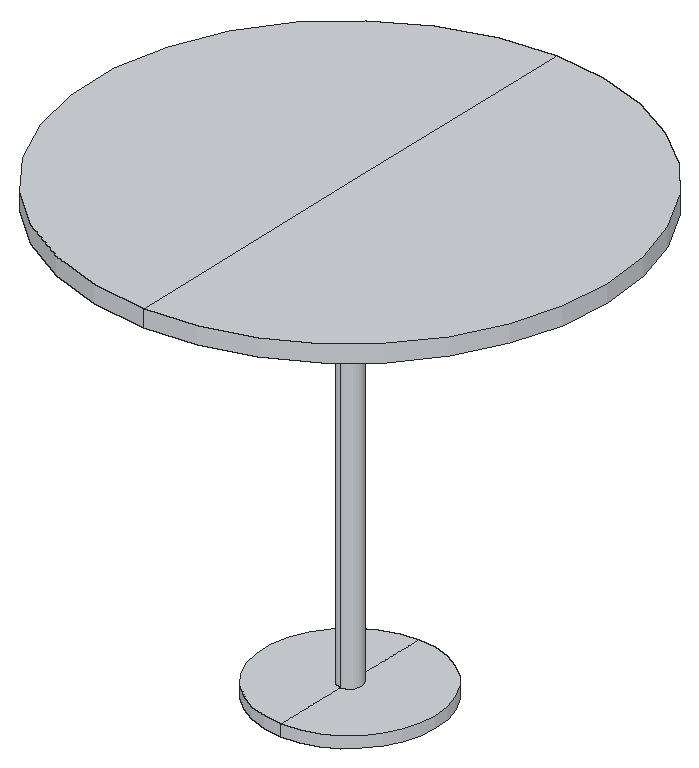
Revit family "Mesa Circular 1 - 2019", category Mobiliário, Revit 2019
Family settings
  Número OmniClass = 23.40.20.00
  Título OmniClass = General Furniture and Specialties
  Com base no plano de trabalho = Não
  Sempre na vertical = Sim
  Corte com vazios quando carregada = Não
  Compartilhado = Não
  Ponto de cálculo do ambiente = Não
Parameters
  Tampo = none
  Raio Tampo [instance] = 45 cm
  Raio Base = 15 cm
  Base = none
  Altura [instance] = 80 cm
Reference planes (cm)
  plane 1 "Centro (Frente/Trás)": y = 0
  plane 2: z = 0
  plane 3 "Centro (Esquerda/Direita)": x = 0
Forms (cm)
  Revolve 1, solid, material <- "Tampo"
    sketch origin (0, 0, 0) x (0, 1, 0) y (0, 0, 1)
      loop
        line (0, 77) -> (45, 77) -> (45, 80) -> (0, 80) -> (0, 77)
      axis (0, 77) -> (0, 80)
    angle from 0 to 360
  Revolve 2, solid, material <- "Base"
    sketch origin (0, 0, 0) x (0, 1, 0) y (0, 0, 1)
      loop
        line (0, 77) -> (0, 0) -> (15, 0) -> (15, 2) -> (2, 2) -> (2, 75) -> (23, 75) -> (23, 77) -> (0, 77)
      axis (0, 0) -> (0, 77)
    angle from 0 to 360
Dimensions and locks (cm)
  "Raio Tampo": Revolve 1 sketch curve to plane 1 "Centro (Frente/Trás)"
  "Altura": Revolve 1 to level
  Revolve 1 to Revolve 2 sketch curve = 2 cm
  Revolve 2 sketch curve to plane 1 "Centro (Frente/Trás)" = 2 cm
  Revolve 2 sketch curve to Revolve 2 sketch curve = 2 cm
  "Raio Base": Revolve 2 sketch curve to plane 1 "Centro (Frente/Trás)"
  aligned and locked: level to plane 2
  aligned and locked: plane 1 "Centro (Frente/Trás)" to Revolve 2 sketch curve
  aligned and locked: level to Revolve 2 sketch curve
  aligned and locked: Revolve 1 to Revolve 2 sketch curve
Automatic sketch dimensions
  Revolve 1 sketch curve to plane 1 "Centro (Frente/Trás)" = 0 cm  (x2)
  level to Revolve 1 sketch curve = 77 cm
  Revolve 1 sketch curve to Revolve 1 sketch curve = 3 cm
  Revolve 1 sketch curve to Revolve 1 sketch curve = 0 cm
  Revolve 1 sketch curve to Revolve 1 sketch curve = 18 cm
  Revolve 2 sketch curve to plane 1 "Centro (Frente/Trás)" = 0 cm
  Revolve 2 sketch curve to Revolve 2 sketch curve = 21 cm
  Revolve 2 sketch curve to Revolve 2 sketch curve = 3 cm
  Revolve 2 sketch curve to Revolve 2 sketch curve = 16 cm
